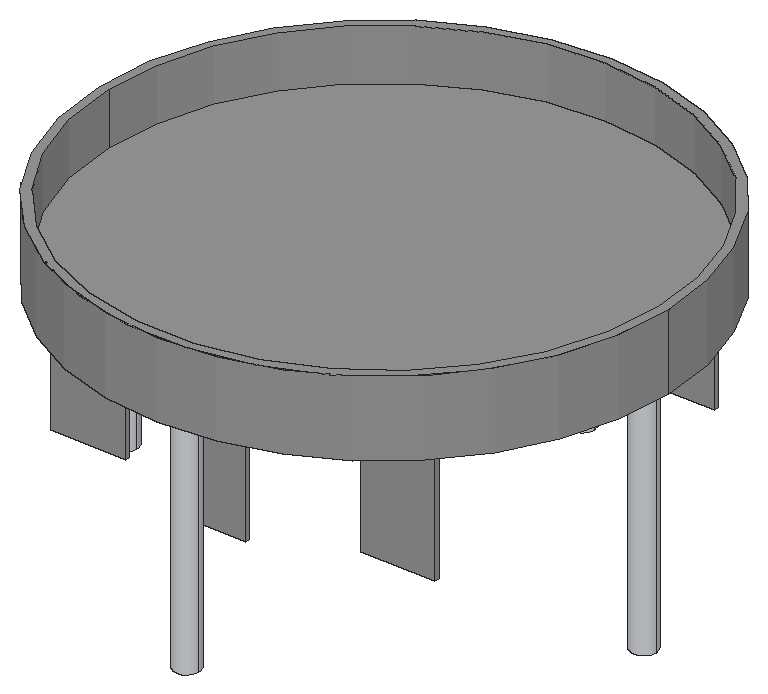
Revit family "Nivellierbare Schwerlastkassette,blind, RKRSL, 25, 7", category Generic Models, Revit 2015
Parameters (values of type "RKR2 7SL2 V2 25")
  URL = "http://www.obo-bettermann.com"
  Material = Stainless Steel, Polished
  Manufacturer Art.No. = "7409094"
  Manufacturer = "OBO Bettermann"
  HeightCalc = if(Height < 109 mm, 109 mm, (if(Height > 159 mm, 159 mm, Height)))  # 150 mm
  Height 1 = 36.5 mm
  Height = 150 mm
  GTIN = "4012195868262"
  Diameter 1 = 265.6 mm
  Diameter = 274 mm
  Cut depth = 25 mm
  Article Type = "RKR2 7SL2 V2 25"
Reference planes
  plane 1 "Center (Front/Back)": y = 0
  plane 2: z = 0
  plane 3 "Center (Left/Right)": x = 0
  plane 4: z = 113.5
  plane 5: y = 99.5
  plane 6: y = -99.5
  plane 7: z = 150
  plane 8: z = 54.7
  plane 9: z = 125
Forms (mm)
  Extrusion 1, solid
    sketch origin (0, 0, 0) x (1, 0, 0) y (0, 1, 0)
      loop
        circle (0, 119) r 6
      loop
        circle (0, -119) r 6
      loop
        circle (-125, 0) r 6
      loop
        circle (125, 0) r 6
    from 0 to 113.5
  Extrusion 2, solid, material "Stainless Steel, Polished" <- "Material"
    sketch origin (0, 0, 0) x (1, 0, 0) y (0, 1, 0)
      loop
        line (56.5, 85) -> (56.5, 83) -> (92.5, 83) -> (92.5, 85) -> (56.5, 85)
      loop
        line (-92.5, 85) -> (-92.5, 83) -> (-56.5, 83) -> (-56.5, 85) -> (-92.5, 85)
      loop
        line (-18, 106) -> (-18, 104) -> (18, 104) -> (18, 106) -> (-18, 106)
      loop
        line (56.5, -83) -> (56.5, -85) -> (92.5, -85) -> (92.5, -83) -> (56.5, -83)
      loop
        line (-92.5, -83) -> (-92.5, -85) -> (-56.5, -85) -> (-56.5, -83) -> (-92.5, -83)
      loop
        line (-18, -104) -> (-18, -106) -> (18, -106) -> (18, -104) -> (-18, -104)
    from 54.7 to 113.5
  Extrusion 3, solid, material "Stainless Steel, Polished" <- "Material"
    sketch origin (0, 0, 0) x (1, 0, 0) y (0, 1, 0)
      loop
        circle (0, 0) r 137
    from 113.5 to 150
  Extrusion 4, void
    sketch origin (0, 0, 0) x (1, 0, 0) y (0, 1, 0)
      loop
        circle (0, 0) r 132.8
    from 125 to 150
Cuts and joins
  Extrusion 4 cuts Extrusion 1
  Extrusion 4 cuts Extrusion 2
  Extrusion 4 cuts Extrusion 3
Dimensions and locks
  "HeightCalc": plane 7 to level
  "Height 1": plane 7 to plane 4
  locked: plane 4 to plane 8 at 58.8
  "Cut depth": plane 7 to plane 9
  locked: plane 5 to plane 6 at 199
  equal spacing: plane 5, plane 1 "Center (Front/Back)", plane 6, locked at 99.5 each
  locked: plane 1 "Center (Front/Back)" to Extrusion 1 sketch curve at 119
  locked: Extrusion 1 sketch curve to plane 1 "Center (Front/Back)" at 119
  locked: Extrusion 1 sketch curve to plane 3 "Center (Left/Right)" at 125
  locked: plane 3 "Center (Left/Right)" to Extrusion 1 sketch curve at 125
  locked: Extrusion 2 sketch curve to Extrusion 2 sketch curve at 36  (x6)
  locked: Extrusion 2 sketch curve to Extrusion 2 sketch curve at 2  (x6)
  locked: Extrusion 2 sketch curve to Extrusion 2 sketch curve at 113  (x2)
  equal spacing: Extrusion 2 sketch curve, plane 3 "Center (Left/Right)", Extrusion 2 sketch curve, locked at 56.5 each  (x2)
  locked: Extrusion 2 sketch curve to plane 1 "Center (Front/Back)" at 83  (x2)
  equal spacing: Extrusion 2 sketch curve, plane 3 "Center (Left/Right)", Extrusion 2 sketch curve, locked at 18 each  (x2)
  locked: plane 1 "Center (Front/Back)" to Extrusion 2 sketch curve at 104
  locked: Extrusion 2 sketch curve to plane 1 "Center (Front/Back)" at 104
  "Diameter": diameter of Extrusion 3 sketch curve
  "Diameter 1": diameter of Extrusion 4 sketch curve
  diameter of Extrusion 1 sketch curve = 12 mm  (x4)
  aligned and locked: level to plane 2
  aligned and locked: plane 4 to Extrusion 1
  aligned and locked: Extrusion 1 to Extrusion 2
  aligned and locked: Extrusion 2 to plane 8
  aligned and locked: Extrusion 3 to Extrusion 1
  aligned and locked: plane 7 to Extrusion 3
  aligned and locked: cut or joined group of Extrusion 3, Extrusion 4 to Extrusion 4
  aligned and locked: Extrusion 4 to plane 9
  aligned and locked: Extrusion 2 sketch curve to Extrusion 2 sketch curve  (x2)
Automatic sketch dimensions
  Extrusion 1 sketch curve to plane 3 "Center (Left/Right)" = 0 mm  (x2)
  plane 1 "Center (Front/Back)" to Extrusion 1 sketch curve = 0 mm  (x2)
  plane 1 "Center (Front/Back)" to Extrusion 4 sketch curve = 0 mm
  Extrusion 4 sketch curve to plane 3 "Center (Left/Right)" = 0 mm
  plane 1 "Center (Front/Back)" to Extrusion 3 sketch curve = 0 mm
  Extrusion 3 sketch curve to plane 3 "Center (Left/Right)" = 0 mm
